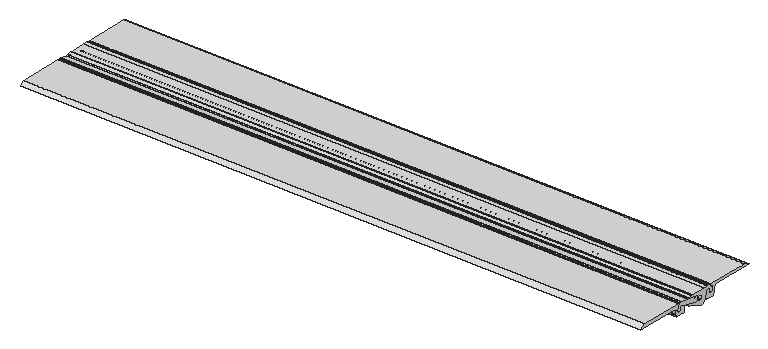
Revit family "Construction-Floors-Conecto-Aluminium Joints ALU AL.78.10", category Specialty Equipment, Revit 2015 (continued)
Definition of nested family "Standard"
  Forms (mm)
    Extrusion 30, solid, material <- "Material", visible <- "30"
      sketch origin (0, -265.421, -730.469) x (0, -1, 0) y (0, 0, -1)
        loop
          line (-297.363, -660.485) -> (-297.363, -659.059) -> (-299.327, -657.095) -> (-299.659, -658.006) -> (-300.712, -658.497) -> (-301.818, -657.859) -> (-302.303, -656.819) -> (-302.238, -655.889) -> (-301.615, -655.266) -> (-300.207, -655.266) -> (-300.305, -654.468) -> (-300.488, -653.531) -> (-300.595, -652.511) -> (-300.323, -650.323) -> (-299.732, -648.737) -> (-299.142, -648.207) -> (-295.736, -648.207) -> (-295.145, -648.739) -> (-295.145, -649.621) -> (-295.612, -650.265) -> (-296.168, -651.228) -> (-296.301, -652.062) -> (-296.369, -652.847) -> (-296.18, -653.737) -> (-295.594, -654.839) -> (-295.054, -655.46) -> (-294.32, -655.955) -> (-293.589, -656.265) -> (-292.782, -656.422) -> (-291.949, -656.451) -> (-291.169, -656.286) -> (-290.437, -656.005) -> (-289.523, -655.364) -> (-288.804, -654.214) -> (-288.404, -653.116) -> (-288.404, -645.504) -> (-288.404, -630.498) -> (-360.11, -630.498) -> (-361.647, -630.66) -> (-362.396, -631.009) -> (-362.396, -633.484) -> (-360.616, -634.512) -> (-358.762, -635.114) -> (-304.156, -635.114) -> (-300.885, -636.64) -> (-300.081, -636.64) -> (-299.456, -636.168) -> (-298.548, -635.706) -> (-297.315, -635.554) -> (-296.134, -635.699) -> (-295.004, -636.275) -> (-294.065, -637.215) -> (-293.349, -638.821) -> (-293.349, -640.438) -> (-293.805, -641.512) -> (-294.459, -642.446) -> (-295.385, -643.144) -> (-297.471, -643.587) -> (-299.99, -642.518) -> (-301.144, -642.375) -> (-304.587, -650.485) -> (-304.587, -660.485) -> (-297.363, -660.485)
      from 0 to 100
  Dimensions and locks
    "Length": plane 3 "Center (Left/Right)" to plane 4
    equal spacing: plane 6, plane 1 "Center (Front/Back)", plane 5
    "Space": plane 6 to plane 5
    aligned and locked: level to plane 2
    aligned and locked: Extrusion 27 to plane 4
    aligned and locked: Extrusion 28 to plane 4
    aligned and locked: Extrusion 29 to plane 4
    aligned and locked: Extrusion 30 to plane 4
    aligned and locked: Extrusion 26 to plane 4
    aligned and locked: Extrusion 25 to plane 4
    aligned and locked: Extrusion 24 to plane 4
    aligned and locked: Extrusion 23 to plane 4
    aligned and locked: Extrusion 22 to plane 4
    aligned and locked: Extrusion 21 to plane 4
    aligned and locked: Extrusion 17 to plane 4
    aligned and locked: Extrusion 18 to plane 4
    aligned and locked: Extrusion 19 to plane 4
    aligned and locked: Extrusion 20 to plane 4
    aligned and locked: Extrusion 16 to plane 4
    aligned and locked: Extrusion 15 to plane 4
    aligned and locked: Extrusion 14 to plane 4
    aligned and locked: Extrusion 13 to plane 4
    aligned and locked: Extrusion 12 to plane 4
    aligned and locked: Extrusion 11 to plane 4
    aligned and locked: Extrusion 10 to plane 4
    aligned and locked: Extrusion 9 to plane 4
    aligned and locked: Extrusion 8 to plane 4
    aligned and locked: Extrusion 7 to plane 4
    aligned and locked: Extrusion 6 to plane 4
    aligned and locked: Extrusion 5 to plane 4
    aligned and locked: Extrusion 4 to plane 4
    aligned and locked: Extrusion 3 to plane 4
    aligned and locked: Extrusion 2 to plane 4
    aligned and locked: Extrusion 1 to plane 4
  Automatic sketch dimensions
    Extrusion 1 sketch curve to plane 6 = 0.018 mm
    Extrusion 1 sketch curve to plane 6 = 0.079 mm
    Extrusion 1 sketch curve to plane 6 = 0.145 mm
    Extrusion 1 sketch curve to plane 6 = 0.316 mm
    Extrusion 1 sketch curve to plane 6 = 0.483 mm
    Extrusion 1 sketch curve to plane 6 = 0.781 mm
    Extrusion 1 sketch curve to Extrusion 1 sketch curve = 0.503 mm
    Extrusion 1 sketch curve to Extrusion 1 sketch curve = 0.54 mm
    Extrusion 1 sketch curve to Extrusion 1 sketch curve = 0.665 mm  (x2)
    Extrusion 1 sketch curve to Extrusion 1 sketch curve = 0.708 mm
    Extrusion 1 sketch curve to Extrusion 1 sketch curve = 0.781 mm
    Extrusion 1 sketch curve to Extrusion 1 sketch curve = 0.844 mm
    Extrusion 1 sketch curve to Extrusion 1 sketch curve = 0.841 mm
    Extrusion 1 sketch curve to plane 6 = 5.776 mm
    Extrusion 1 sketch curve to Extrusion 1 sketch curve = 0.732 mm
    Extrusion 1 sketch curve to Extrusion 1 sketch curve = 0.654 mm
    Extrusion 1 sketch curve to Extrusion 1 sketch curve = 0.943 mm
    Extrusion 1 sketch curve to Extrusion 1 sketch curve = 0.22 mm
    Extrusion 1 sketch curve to Extrusion 1 sketch curve = 0.571 mm  (x2)
    Extrusion 1 sketch curve to Extrusion 1 sketch curve = 0.486 mm
    Extrusion 1 sketch curve to Extrusion 1 sketch curve = 0.771 mm
    Extrusion 1 sketch curve to Extrusion 1 sketch curve = 0.457 mm
    Extrusion 1 sketch curve to Extrusion 1 sketch curve = 0.352 mm
    Extrusion 1 sketch curve to Extrusion 1 sketch curve = 0.338 mm
    Extrusion 1 sketch curve to Extrusion 1 sketch curve = 0.188 mm
    Extrusion 1 sketch curve to Extrusion 1 sketch curve = 2.478 mm
    Extrusion 1 sketch curve to Extrusion 1 sketch curve = 0.077 mm
    Extrusion 1 sketch curve to Extrusion 1 sketch curve = 0.814 mm  (x2)
    Extrusion 1 sketch curve to Extrusion 1 sketch curve = 3.227 mm
    Extrusion 1 sketch curve to Extrusion 1 sketch curve = 1.773 mm
    Extrusion 1 sketch curve to Extrusion 1 sketch curve = 0.527 mm
    Extrusion 1 sketch curve to Extrusion 1 sketch curve = 0.616 mm
    Extrusion 1 sketch curve to Extrusion 1 sketch curve = 0.46 mm
    Extrusion 1 sketch curve to Extrusion 1 sketch curve = 1.069 mm
    Extrusion 1 sketch curve to Extrusion 1 sketch curve = 0.239 mm
    Extrusion 1 sketch curve to Extrusion 1 sketch curve = 0.299 mm
    Extrusion 1 sketch curve to Extrusion 1 sketch curve = 0.14 mm
    Extrusion 1 sketch curve to Extrusion 1 sketch curve = 0.051 mm
    Extrusion 1 sketch curve to Extrusion 1 sketch curve = 0.96 mm
    Extrusion 1 sketch curve to Extrusion 1 sketch curve = 0.932 mm
    Extrusion 1 sketch curve to Extrusion 1 sketch curve = 0.703 mm
    Extrusion 1 sketch curve to Extrusion 1 sketch curve = 0.807 mm
    Extrusion 1 sketch curve to Extrusion 1 sketch curve = 0.86 mm
    Extrusion 1 sketch curve to Extrusion 1 sketch curve = 0.342 mm
    Extrusion 1 sketch curve to plane 6 = 14.701 mm
    Extrusion 1 sketch curve to Extrusion 1 sketch curve = 6.486 mm
    Extrusion 1 sketch curve to Extrusion 1 sketch curve = 0.821 mm
    Extrusion 1 sketch curve to Extrusion 1 sketch curve = 0.721 mm
    Extrusion 1 sketch curve to Extrusion 1 sketch curve = 0.719 mm
    Extrusion 1 sketch curve to Extrusion 1 sketch curve = 0.829 mm
    Extrusion 1 sketch curve to Extrusion 1 sketch curve = 0.796 mm  (x2)
    Extrusion 1 sketch curve to Extrusion 1 sketch curve = 0.905 mm
    Extrusion 1 sketch curve to Extrusion 1 sketch curve = 0.964 mm
    Extrusion 1 sketch curve to Extrusion 1 sketch curve = 1.013 mm
    Extrusion 1 sketch curve to Extrusion 1 sketch curve = 0.867 mm
    Extrusion 1 sketch curve to Extrusion 1 sketch curve = 1.08 mm
    Extrusion 1 sketch curve to Extrusion 1 sketch curve = 0.826 mm
    Extrusion 1 sketch curve to Extrusion 1 sketch curve = 1.041 mm
    Extrusion 1 sketch curve to Extrusion 1 sketch curve = 0.869 mm
    Extrusion 1 sketch curve to Extrusion 1 sketch curve = 0.805 mm
    Extrusion 1 sketch curve to Extrusion 1 sketch curve = 0.791 mm
    Extrusion 1 sketch curve to Extrusion 1 sketch curve = 0.661 mm
    Extrusion 1 sketch curve to Extrusion 1 sketch curve = 0.6 mm
    Extrusion 1 sketch curve to Extrusion 1 sketch curve = 0.376 mm
    Extrusion 1 sketch curve to Extrusion 1 sketch curve = 0.465 mm
    Extrusion 1 sketch curve to Extrusion 1 sketch curve = 0.458 mm
    Extrusion 1 sketch curve to Extrusion 1 sketch curve = 0.345 mm
    Extrusion 1 sketch curve to Extrusion 1 sketch curve = 0.296 mm  (x2)
    Extrusion 1 sketch curve to Extrusion 1 sketch curve = 0.89 mm
    Extrusion 1 sketch curve to Extrusion 1 sketch curve = 0.179 mm
    Extrusion 1 sketch curve to Extrusion 1 sketch curve = 1.918 mm
    Extrusion 1 sketch curve to Extrusion 1 sketch curve = 1.017 mm
    Extrusion 1 sketch curve to Extrusion 1 sketch curve = 0.726 mm
    Extrusion 1 sketch curve to Extrusion 1 sketch curve = 0.9 mm
    Extrusion 1 sketch curve to Extrusion 1 sketch curve = 0.52 mm
    Extrusion 1 sketch curve to Extrusion 1 sketch curve = 1.176 mm
    Extrusion 1 sketch curve to Extrusion 1 sketch curve = 1.103 mm
    Extrusion 1 sketch curve to Extrusion 1 sketch curve = 0.335 mm
    Extrusion 1 sketch curve to Extrusion 1 sketch curve = 38.619 mm
    Extrusion 2 sketch curve to plane 6 = 0.015 mm
    Extrusion 2 sketch curve to plane 6 = 0.076 mm
    Extrusion 2 sketch curve to plane 6 = 0.142 mm
    Extrusion 2 sketch curve to plane 6 = 0.312 mm
    Extrusion 2 sketch curve to plane 6 = 0.48 mm
    Extrusion 2 sketch curve to plane 6 = 0.777 mm
    Extrusion 2 sketch curve to Extrusion 2 sketch curve = 0.503 mm
    Extrusion 2 sketch curve to Extrusion 2 sketch curve = 0.54 mm
    Extrusion 2 sketch curve to Extrusion 2 sketch curve = 0.665 mm  (x2)
    Extrusion 2 sketch curve to Extrusion 2 sketch curve = 0.708 mm
    Extrusion 2 sketch curve to Extrusion 2 sketch curve = 0.781 mm
    Extrusion 2 sketch curve to Extrusion 2 sketch curve = 0.844 mm
    Extrusion 2 sketch curve to Extrusion 2 sketch curve = 0.841 mm
    Extrusion 2 sketch curve to plane 6 = 5.772 mm
    Extrusion 2 sketch curve to Extrusion 2 sketch curve = 0.732 mm
    Extrusion 2 sketch curve to Extrusion 2 sketch curve = 0.654 mm
    Extrusion 2 sketch curve to Extrusion 2 sketch curve = 0.943 mm
    Extrusion 2 sketch curve to Extrusion 2 sketch curve = 0.22 mm
    Extrusion 2 sketch curve to Extrusion 2 sketch curve = 0.571 mm  (x2)
    Extrusion 2 sketch curve to Extrusion 2 sketch curve = 0.486 mm
    Extrusion 2 sketch curve to Extrusion 2 sketch curve = 0.771 mm
    Extrusion 2 sketch curve to Extrusion 2 sketch curve = 0.457 mm
    Extrusion 2 sketch curve to Extrusion 2 sketch curve = 0.352 mm
    Extrusion 2 sketch curve to Extrusion 2 sketch curve = 0.338 mm
    Extrusion 2 sketch curve to Extrusion 2 sketch curve = 0.188 mm
    Extrusion 2 sketch curve to Extrusion 2 sketch curve = 2.478 mm
    Extrusion 2 sketch curve to Extrusion 2 sketch curve = 0.077 mm
    Extrusion 2 sketch curve to Extrusion 2 sketch curve = 0.814 mm  (x2)
    Extrusion 2 sketch curve to Extrusion 2 sketch curve = 3.227 mm
    Extrusion 2 sketch curve to Extrusion 2 sketch curve = 1.773 mm
    Extrusion 2 sketch curve to Extrusion 2 sketch curve = 0.527 mm
    Extrusion 2 sketch curve to Extrusion 2 sketch curve = 0.616 mm
    Extrusion 2 sketch curve to Extrusion 2 sketch curve = 0.46 mm
    Extrusion 2 sketch curve to Extrusion 2 sketch curve = 1.069 mm
    Extrusion 2 sketch curve to Extrusion 2 sketch curve = 0.239 mm
    Extrusion 2 sketch curve to Extrusion 2 sketch curve = 0.299 mm
    Extrusion 2 sketch curve to Extrusion 2 sketch curve = 0.14 mm
    Extrusion 2 sketch curve to Extrusion 2 sketch curve = 0.051 mm
    Extrusion 2 sketch curve to Extrusion 2 sketch curve = 0.96 mm
    Extrusion 2 sketch curve to Extrusion 2 sketch curve = 0.932 mm
    Extrusion 2 sketch curve to Extrusion 2 sketch curve = 0.703 mm
    Extrusion 2 sketch curve to Extrusion 2 sketch curve = 0.807 mm
    Extrusion 2 sketch curve to Extrusion 2 sketch curve = 0.86 mm
    Extrusion 2 sketch curve to Extrusion 2 sketch curve = 0.342 mm
    Extrusion 2 sketch curve to plane 6 = 14.698 mm
    Extrusion 2 sketch curve to Extrusion 2 sketch curve = 6.486 mm
    Extrusion 2 sketch curve to Extrusion 2 sketch curve = 0.821 mm
    Extrusion 2 sketch curve to Extrusion 2 sketch curve = 0.721 mm
    Extrusion 2 sketch curve to Extrusion 2 sketch curve = 0.719 mm
    Extrusion 2 sketch curve to Extrusion 2 sketch curve = 0.829 mm
    Extrusion 2 sketch curve to Extrusion 2 sketch curve = 0.796 mm  (x2)
    Extrusion 2 sketch curve to Extrusion 2 sketch curve = 0.905 mm
    Extrusion 2 sketch curve to Extrusion 2 sketch curve = 0.964 mm
    Extrusion 2 sketch curve to Extrusion 2 sketch curve = 1.013 mm
    Extrusion 2 sketch curve to Extrusion 2 sketch curve = 0.867 mm
    Extrusion 2 sketch curve to Extrusion 2 sketch curve = 1.08 mm
    Extrusion 2 sketch curve to Extrusion 2 sketch curve = 0.826 mm
    Extrusion 2 sketch curve to Extrusion 2 sketch curve = 1.041 mm
    Extrusion 2 sketch curve to Extrusion 2 sketch curve = 0.869 mm
    Extrusion 2 sketch curve to Extrusion 2 sketch curve = 0.805 mm
    Extrusion 2 sketch curve to Extrusion 2 sketch curve = 0.791 mm
    Extrusion 2 sketch curve to Extrusion 2 sketch curve = 0.661 mm
    Extrusion 2 sketch curve to Extrusion 2 sketch curve = 0.6 mm
    Extrusion 2 sketch curve to Extrusion 2 sketch curve = 0.376 mm
    Extrusion 2 sketch curve to Extrusion 2 sketch curve = 0.465 mm
    Extrusion 2 sketch curve to Extrusion 2 sketch curve = 0.458 mm
    Extrusion 2 sketch curve to Extrusion 2 sketch curve = 0.345 mm
    Extrusion 2 sketch curve to Extrusion 2 sketch curve = 0.296 mm  (x2)
    Extrusion 2 sketch curve to Extrusion 2 sketch curve = 0.89 mm
    Extrusion 2 sketch curve to Extrusion 2 sketch curve = 0.179 mm
    Extrusion 2 sketch curve to Extrusion 2 sketch curve = 1.918 mm
    Extrusion 2 sketch curve to Extrusion 2 sketch curve = 1.017 mm
    Extrusion 2 sketch curve to Extrusion 2 sketch curve = 0.726 mm
    Extrusion 2 sketch curve to Extrusion 2 sketch curve = 0.9 mm
    Extrusion 2 sketch curve to Extrusion 2 sketch curve = 0.52 mm
    Extrusion 2 sketch curve to Extrusion 2 sketch curve = 1.176 mm
    Extrusion 2 sketch curve to Extrusion 2 sketch curve = 1.103 mm
    Extrusion 2 sketch curve to Extrusion 2 sketch curve = 0.335 mm
    Extrusion 2 sketch curve to Extrusion 2 sketch curve = 38.619 mm
    Extrusion 3 sketch curve to plane 6 = 0.016 mm
    Extrusion 3 sketch curve to plane 6 = 0.077 mm
    Extrusion 3 sketch curve to plane 6 = 0.144 mm
    Extrusion 3 sketch curve to plane 6 = 0.314 mm
    Extrusion 3 sketch curve to plane 6 = 0.481 mm
    Extrusion 3 sketch curve to plane 6 = 0.779 mm
    Extrusion 3 sketch curve to Extrusion 3 sketch curve = 0.503 mm
    Extrusion 3 sketch curve to Extrusion 3 sketch curve = 0.54 mm
    Extrusion 3 sketch curve to Extrusion 3 sketch curve = 0.665 mm  (x2)
    Extrusion 3 sketch curve to Extrusion 3 sketch curve = 0.708 mm
    Extrusion 3 sketch curve to Extrusion 3 sketch curve = 0.781 mm
    Extrusion 3 sketch curve to Extrusion 3 sketch curve = 0.844 mm
    Extrusion 3 sketch curve to Extrusion 3 sketch curve = 0.841 mm
    Extrusion 3 sketch curve to plane 6 = 5.774 mm
    Extrusion 3 sketch curve to Extrusion 3 sketch curve = 0.732 mm
    Extrusion 3 sketch curve to Extrusion 3 sketch curve = 0.654 mm
    Extrusion 3 sketch curve to Extrusion 3 sketch curve = 0.943 mm
    Extrusion 3 sketch curve to Extrusion 3 sketch curve = 0.22 mm
    Extrusion 3 sketch curve to Extrusion 3 sketch curve = 0.571 mm  (x2)
    Extrusion 3 sketch curve to Extrusion 3 sketch curve = 0.486 mm
    Extrusion 3 sketch curve to Extrusion 3 sketch curve = 0.771 mm
    Extrusion 3 sketch curve to Extrusion 3 sketch curve = 0.457 mm
    Extrusion 3 sketch curve to Extrusion 3 sketch curve = 0.352 mm
    Extrusion 3 sketch curve to Extrusion 3 sketch curve = 0.338 mm
    Extrusion 3 sketch curve to Extrusion 3 sketch curve = 0.188 mm
    Extrusion 3 sketch curve to Extrusion 3 sketch curve = 2.478 mm
    Extrusion 3 sketch curve to Extrusion 3 sketch curve = 0.077 mm
    Extrusion 3 sketch curve to Extrusion 3 sketch curve = 0.814 mm  (x2)
    Extrusion 3 sketch curve to Extrusion 3 sketch curve = 3.227 mm
    Extrusion 3 sketch curve to Extrusion 3 sketch curve = 1.773 mm
    Extrusion 3 sketch curve to Extrusion 3 sketch curve = 0.527 mm
    Extrusion 3 sketch curve to Extrusion 3 sketch curve = 0.616 mm
    Extrusion 3 sketch curve to Extrusion 3 sketch curve = 0.46 mm
    Extrusion 3 sketch curve to Extrusion 3 sketch curve = 1.069 mm
    Extrusion 3 sketch curve to Extrusion 3 sketch curve = 0.239 mm
    Extrusion 3 sketch curve to Extrusion 3 sketch curve = 0.299 mm
    Extrusion 3 sketch curve to Extrusion 3 sketch curve = 0.14 mm
    Extrusion 3 sketch curve to Extrusion 3 sketch curve = 0.051 mm
    Extrusion 3 sketch curve to Extrusion 3 sketch curve = 0.96 mm
    Extrusion 3 sketch curve to Extrusion 3 sketch curve = 0.932 mm
    Extrusion 3 sketch curve to Extrusion 3 sketch curve = 0.703 mm
    Extrusion 3 sketch curve to Extrusion 3 sketch curve = 0.807 mm
    Extrusion 3 sketch curve to Extrusion 3 sketch curve = 0.86 mm
    Extrusion 3 sketch curve to Extrusion 3 sketch curve = 0.342 mm
    Extrusion 3 sketch curve to plane 6 = 14.699 mm
    Extrusion 3 sketch curve to Extrusion 3 sketch curve = 6.486 mm
    Extrusion 3 sketch curve to Extrusion 3 sketch curve = 0.821 mm
    Extrusion 3 sketch curve to Extrusion 3 sketch curve = 0.721 mm
    Extrusion 3 sketch curve to Extrusion 3 sketch curve = 0.719 mm
    Extrusion 3 sketch curve to Extrusion 3 sketch curve = 0.829 mm
    Extrusion 3 sketch curve to Extrusion 3 sketch curve = 0.796 mm  (x2)
    Extrusion 3 sketch curve to Extrusion 3 sketch curve = 0.905 mm
    Extrusion 3 sketch curve to Extrusion 3 sketch curve = 0.964 mm
    Extrusion 3 sketch curve to Extrusion 3 sketch curve = 1.013 mm
    Extrusion 3 sketch curve to Extrusion 3 sketch curve = 0.867 mm
    Extrusion 3 sketch curve to Extrusion 3 sketch curve = 1.08 mm
    Extrusion 3 sketch curve to Extrusion 3 sketch curve = 0.826 mm
    Extrusion 3 sketch curve to Extrusion 3 sketch curve = 1.041 mm
    Extrusion 3 sketch curve to Extrusion 3 sketch curve = 0.869 mm
    Extrusion 3 sketch curve to Extrusion 3 sketch curve = 0.805 mm
    Extrusion 3 sketch curve to Extrusion 3 sketch curve = 0.791 mm
    Extrusion 3 sketch curve to Extrusion 3 sketch curve = 0.661 mm
    Extrusion 3 sketch curve to Extrusion 3 sketch curve = 0.6 mm
    Extrusion 3 sketch curve to Extrusion 3 sketch curve = 0.376 mm
    Extrusion 3 sketch curve to Extrusion 3 sketch curve = 0.465 mm
    Extrusion 3 sketch curve to Extrusion 3 sketch curve = 0.458 mm
    Extrusion 3 sketch curve to Extrusion 3 sketch curve = 0.345 mm
    Extrusion 3 sketch curve to Extrusion 3 sketch curve = 0.296 mm  (x2)
    Extrusion 3 sketch curve to Extrusion 3 sketch curve = 0.89 mm
    Extrusion 3 sketch curve to Extrusion 3 sketch curve = 0.179 mm
    Extrusion 3 sketch curve to Extrusion 3 sketch curve = 1.918 mm
    Extrusion 3 sketch curve to Extrusion 3 sketch curve = 1.017 mm
    Extrusion 3 sketch curve to Extrusion 3 sketch curve = 0.726 mm
    Extrusion 3 sketch curve to Extrusion 3 sketch curve = 0.9 mm
    Extrusion 3 sketch curve to Extrusion 3 sketch curve = 0.52 mm
    Extrusion 3 sketch curve to Extrusion 3 sketch curve = 1.176 mm
    Extrusion 3 sketch curve to Extrusion 3 sketch curve = 1.103 mm
    Extrusion 3 sketch curve to Extrusion 3 sketch curve = 0.335 mm
    Extrusion 3 sketch curve to Extrusion 3 sketch curve = 38.619 mm
    Extrusion 4 sketch curve to plane 6 = 0.017 mm
    Extrusion 4 sketch curve to plane 6 = 0.078 mm
    Extrusion 4 sketch curve to plane 6 = 0.144 mm
    Extrusion 4 sketch curve to plane 6 = 0.315 mm
    Extrusion 4 sketch curve to plane 6 = 0.482 mm
    Extrusion 4 sketch curve to plane 6 = 0.78 mm
    Extrusion 4 sketch curve to Extrusion 4 sketch curve = 0.503 mm
    Extrusion 4 sketch curve to Extrusion 4 sketch curve = 0.54 mm
    Extrusion 4 sketch curve to Extrusion 4 sketch curve = 0.665 mm  (x2)
    Extrusion 4 sketch curve to Extrusion 4 sketch curve = 0.708 mm
    Extrusion 4 sketch curve to Extrusion 4 sketch curve = 0.781 mm
    Extrusion 4 sketch curve to Extrusion 4 sketch curve = 0.844 mm
    Extrusion 4 sketch curve to Extrusion 4 sketch curve = 0.841 mm
    Extrusion 4 sketch curve to plane 6 = 5.775 mm
    Extrusion 4 sketch curve to Extrusion 4 sketch curve = 0.732 mm
    Extrusion 4 sketch curve to Extrusion 4 sketch curve = 0.654 mm
    Extrusion 4 sketch curve to Extrusion 4 sketch curve = 0.943 mm
    Extrusion 4 sketch curve to Extrusion 4 sketch curve = 0.22 mm
    Extrusion 4 sketch curve to Extrusion 4 sketch curve = 0.571 mm  (x2)
    Extrusion 4 sketch curve to Extrusion 4 sketch curve = 0.486 mm
    Extrusion 4 sketch curve to Extrusion 4 sketch curve = 0.771 mm
    Extrusion 4 sketch curve to Extrusion 4 sketch curve = 0.457 mm
    Extrusion 4 sketch curve to Extrusion 4 sketch curve = 0.352 mm
    Extrusion 4 sketch curve to Extrusion 4 sketch curve = 0.338 mm
    Extrusion 4 sketch curve to Extrusion 4 sketch curve = 0.188 mm
    Extrusion 4 sketch curve to Extrusion 4 sketch curve = 2.478 mm
    Extrusion 4 sketch curve to Extrusion 4 sketch curve = 0.077 mm
    Extrusion 4 sketch curve to Extrusion 4 sketch curve = 0.814 mm  (x2)
    Extrusion 4 sketch curve to Extrusion 4 sketch curve = 3.227 mm
    Extrusion 4 sketch curve to Extrusion 4 sketch curve = 1.773 mm
    Extrusion 4 sketch curve to Extrusion 4 sketch curve = 0.527 mm
    Extrusion 4 sketch curve to Extrusion 4 sketch curve = 0.616 mm
    Extrusion 4 sketch curve to Extrusion 4 sketch curve = 0.46 mm
    Extrusion 4 sketch curve to Extrusion 4 sketch curve = 1.069 mm
    Extrusion 4 sketch curve to Extrusion 4 sketch curve = 0.239 mm
    Extrusion 4 sketch curve to Extrusion 4 sketch curve = 0.299 mm
    Extrusion 4 sketch curve to Extrusion 4 sketch curve = 0.14 mm
    Extrusion 4 sketch curve to Extrusion 4 sketch curve = 0.051 mm
    Extrusion 4 sketch curve to Extrusion 4 sketch curve = 0.96 mm
    Extrusion 4 sketch curve to Extrusion 4 sketch curve = 0.932 mm
    Extrusion 4 sketch curve to Extrusion 4 sketch curve = 0.703 mm
    Extrusion 4 sketch curve to Extrusion 4 sketch curve = 0.807 mm
    Extrusion 4 sketch curve to Extrusion 4 sketch curve = 0.86 mm
    Extrusion 4 sketch curve to Extrusion 4 sketch curve = 0.342 mm
    Extrusion 4 sketch curve to plane 6 = 14.7 mm
    Extrusion 4 sketch curve to Extrusion 4 sketch curve = 6.486 mm
    Extrusion 4 sketch curve to Extrusion 4 sketch curve = 0.821 mm
    Extrusion 4 sketch curve to Extrusion 4 sketch curve = 0.721 mm
    Extrusion 4 sketch curve to Extrusion 4 sketch curve = 0.719 mm
    Extrusion 4 sketch curve to Extrusion 4 sketch curve = 0.829 mm
    Extrusion 4 sketch curve to Extrusion 4 sketch curve = 0.796 mm  (x2)
    Extrusion 4 sketch curve to Extrusion 4 sketch curve = 0.905 mm
    Extrusion 4 sketch curve to Extrusion 4 sketch curve = 0.964 mm
    Extrusion 4 sketch curve to Extrusion 4 sketch curve = 1.013 mm
    Extrusion 4 sketch curve to Extrusion 4 sketch curve = 0.867 mm
    Extrusion 4 sketch curve to Extrusion 4 sketch curve = 1.08 mm
    Extrusion 4 sketch curve to Extrusion 4 sketch curve = 0.826 mm
    Extrusion 4 sketch curve to Extrusion 4 sketch curve = 1.041 mm
    Extrusion 4 sketch curve to Extrusion 4 sketch curve = 0.869 mm
    Extrusion 4 sketch curve to Extrusion 4 sketch curve = 0.805 mm
    Extrusion 4 sketch curve to Extrusion 4 sketch curve = 0.791 mm
    Extrusion 4 sketch curve to Extrusion 4 sketch curve = 0.661 mm
    Extrusion 4 sketch curve to Extrusion 4 sketch curve = 0.6 mm
    Extrusion 4 sketch curve to Extrusion 4 sketch curve = 0.376 mm
    Extrusion 4 sketch curve to Extrusion 4 sketch curve = 0.465 mm
    Extrusion 4 sketch curve to Extrusion 4 sketch curve = 0.458 mm
    Extrusion 4 sketch curve to Extrusion 4 sketch curve = 0.345 mm
    Extrusion 4 sketch curve to Extrusion 4 sketch curve = 0.296 mm  (x2)
    Extrusion 4 sketch curve to Extrusion 4 sketch curve = 0.89 mm
    Extrusion 4 sketch curve to Extrusion 4 sketch curve = 0.179 mm
    Extrusion 4 sketch curve to Extrusion 4 sketch curve = 1.918 mm
    Extrusion 4 sketch curve to Extrusion 4 sketch curve = 1.017 mm
    Extrusion 4 sketch curve to Extrusion 4 sketch curve = 0.726 mm
    Extrusion 4 sketch curve to Extrusion 4 sketch curve = 0.9 mm
    Extrusion 4 sketch curve to Extrusion 4 sketch curve = 0.52 mm
    Extrusion 4 sketch curve to Extrusion 4 sketch curve = 1.176 mm
    Extrusion 4 sketch curve to Extrusion 4 sketch curve = 1.103 mm
    Extrusion 4 sketch curve to Extrusion 4 sketch curve = 0.335 mm
    Extrusion 4 sketch curve to Extrusion 4 sketch curve = 38.619 mm
    Extrusion 5 sketch curve to plane 6 = 0.018 mm
    Extrusion 5 sketch curve to plane 6 = 0.079 mm
    Extrusion 5 sketch curve to plane 6 = 0.145 mm
    Extrusion 5 sketch curve to plane 6 = 0.316 mm
    Extrusion 5 sketch curve to plane 6 = 0.483 mm
    Extrusion 5 sketch curve to plane 6 = 0.781 mm
    Extrusion 5 sketch curve to Extrusion 5 sketch curve = 0.503 mm
    Extrusion 5 sketch curve to Extrusion 5 sketch curve = 0.54 mm
    Extrusion 5 sketch curve to Extrusion 5 sketch curve = 0.665 mm  (x2)
    Extrusion 5 sketch curve to Extrusion 5 sketch curve = 0.708 mm
    Extrusion 5 sketch curve to Extrusion 5 sketch curve = 0.781 mm
    Extrusion 5 sketch curve to Extrusion 5 sketch curve = 0.844 mm
    Extrusion 5 sketch curve to Extrusion 5 sketch curve = 0.841 mm
    Extrusion 5 sketch curve to plane 6 = 5.776 mm
    Extrusion 5 sketch curve to Extrusion 5 sketch curve = 0.732 mm
    Extrusion 5 sketch curve to Extrusion 5 sketch curve = 0.654 mm
    Extrusion 5 sketch curve to Extrusion 5 sketch curve = 0.943 mm
    Extrusion 5 sketch curve to Extrusion 5 sketch curve = 0.22 mm
    Extrusion 5 sketch curve to Extrusion 5 sketch curve = 0.571 mm  (x2)
    Extrusion 5 sketch curve to Extrusion 5 sketch curve = 0.486 mm
    Extrusion 5 sketch curve to Extrusion 5 sketch curve = 0.771 mm
    Extrusion 5 sketch curve to Extrusion 5 sketch curve = 0.457 mm
    Extrusion 5 sketch curve to Extrusion 5 sketch curve = 0.352 mm
    Extrusion 5 sketch curve to Extrusion 5 sketch curve = 0.338 mm
    Extrusion 5 sketch curve to Extrusion 5 sketch curve = 0.188 mm
    Extrusion 5 sketch curve to Extrusion 5 sketch curve = 2.478 mm
    Extrusion 5 sketch curve to Extrusion 5 sketch curve = 0.077 mm
    Extrusion 5 sketch curve to Extrusion 5 sketch curve = 0.814 mm  (x2)
    Extrusion 5 sketch curve to Extrusion 5 sketch curve = 3.227 mm
    Extrusion 5 sketch curve to Extrusion 5 sketch curve = 1.773 mm
    Extrusion 5 sketch curve to Extrusion 5 sketch curve = 0.527 mm
    Extrusion 5 sketch curve to Extrusion 5 sketch curve = 0.616 mm
    Extrusion 5 sketch curve to Extrusion 5 sketch curve = 0.46 mm
    Extrusion 5 sketch curve to Extrusion 5 sketch curve = 1.069 mm
    Extrusion 5 sketch curve to Extrusion 5 sketch curve = 0.239 mm
    Extrusion 5 sketch curve to Extrusion 5 sketch curve = 0.299 mm
    Extrusion 5 sketch curve to Extrusion 5 sketch curve = 0.14 mm
    Extrusion 5 sketch curve to Extrusion 5 sketch curve = 0.051 mm
    Extrusion 5 sketch curve to Extrusion 5 sketch curve = 0.96 mm
    Extrusion 5 sketch curve to Extrusion 5 sketch curve = 0.932 mm
    Extrusion 5 sketch curve to Extrusion 5 sketch curve = 0.703 mm
    Extrusion 5 sketch curve to Extrusion 5 sketch curve = 0.807 mm
    Extrusion 5 sketch curve to Extrusion 5 sketch curve = 0.86 mm
    Extrusion 5 sketch curve to Extrusion 5 sketch curve = 0.342 mm
    Extrusion 5 sketch curve to plane 6 = 14.701 mm
    Extrusion 5 sketch curve to Extrusion 5 sketch curve = 6.486 mm
    Extrusion 5 sketch curve to Extrusion 5 sketch curve = 0.821 mm
    Extrusion 5 sketch curve to Extrusion 5 sketch curve = 0.721 mm
    Extrusion 5 sketch curve to Extrusion 5 sketch curve = 0.719 mm
    Extrusion 5 sketch curve to Extrusion 5 sketch curve = 0.829 mm
    Extrusion 5 sketch curve to Extrusion 5 sketch curve = 0.796 mm  (x2)
    Extrusion 5 sketch curve to Extrusion 5 sketch curve = 0.905 mm
    Extrusion 5 sketch curve to Extrusion 5 sketch curve = 0.964 mm
    Extrusion 5 sketch curve to Extrusion 5 sketch curve = 1.013 mm
    Extrusion 5 sketch curve to Extrusion 5 sketch curve = 0.867 mm
    Extrusion 5 sketch curve to Extrusion 5 sketch curve = 1.08 mm
    Extrusion 5 sketch curve to Extrusion 5 sketch curve = 0.826 mm
    Extrusion 5 sketch curve to Extrusion 5 sketch curve = 1.041 mm
    Extrusion 5 sketch curve to Extrusion 5 sketch curve = 0.869 mm
    Extrusion 5 sketch curve to Extrusion 5 sketch curve = 0.805 mm
    Extrusion 5 sketch curve to Extrusion 5 sketch curve = 0.791 mm
    Extrusion 5 sketch curve to Extrusion 5 sketch curve = 0.661 mm
    Extrusion 5 sketch curve to Extrusion 5 sketch curve = 0.6 mm
    Extrusion 5 sketch curve to Extrusion 5 sketch curve = 0.376 mm
    Extrusion 5 sketch curve to Extrusion 5 sketch curve = 0.465 mm
    Extrusion 5 sketch curve to Extrusion 5 sketch curve = 0.458 mm
    Extrusion 5 sketch curve to Extrusion 5 sketch curve = 0.345 mm
    Extrusion 5 sketch curve to Extrusion 5 sketch curve = 0.296 mm  (x2)
    Extrusion 5 sketch curve to Extrusion 5 sketch curve = 0.89 mm
    Extrusion 5 sketch curve to Extrusion 5 sketch curve = 0.179 mm
    Extrusion 5 sketch curve to Extrusion 5 sketch curve = 1.918 mm
    Extrusion 5 sketch curve to Extrusion 5 sketch curve = 1.017 mm
    Extrusion 5 sketch curve to Extrusion 5 sketch curve = 0.726 mm
    Extrusion 5 sketch curve to Extrusion 5 sketch curve = 0.9 mm
    Extrusion 5 sketch curve to Extrusion 5 sketch curve = 0.52 mm
    Extrusion 5 sketch curve to Extrusion 5 sketch curve = 1.176 mm
    Extrusion 5 sketch curve to Extrusion 5 sketch curve = 1.103 mm
    Extrusion 5 sketch curve to Extrusion 5 sketch curve = 0.335 mm
    Extrusion 5 sketch curve to Extrusion 5 sketch curve = 38.619 mm
    Extrusion 6 sketch curve to plane 6 = 0.015 mm
    Extrusion 6 sketch curve to plane 6 = 0.076 mm
    Extrusion 6 sketch curve to plane 6 = 0.142 mm
    Extrusion 6 sketch curve to plane 6 = 0.312 mm
    Extrusion 6 sketch curve to plane 6 = 0.48 mm
    Extrusion 6 sketch curve to plane 6 = 0.777 mm
    Extrusion 6 sketch curve to Extrusion 6 sketch curve = 0.503 mm
    Extrusion 6 sketch curve to Extrusion 6 sketch curve = 0.54 mm
    Extrusion 6 sketch curve to Extrusion 6 sketch curve = 0.665 mm  (x2)
    Extrusion 6 sketch curve to Extrusion 6 sketch curve = 0.708 mm
    Extrusion 6 sketch curve to Extrusion 6 sketch curve = 0.781 mm
    Extrusion 6 sketch curve to Extrusion 6 sketch curve = 0.844 mm
    Extrusion 6 sketch curve to Extrusion 6 sketch curve = 0.841 mm
    Extrusion 6 sketch curve to plane 6 = 5.772 mm
    Extrusion 6 sketch curve to Extrusion 6 sketch curve = 0.732 mm
    Extrusion 6 sketch curve to Extrusion 6 sketch curve = 0.654 mm
    Extrusion 6 sketch curve to Extrusion 6 sketch curve = 0.943 mm
    Extrusion 6 sketch curve to Extrusion 6 sketch curve = 0.22 mm
    Extrusion 6 sketch curve to Extrusion 6 sketch curve = 0.571 mm  (x2)
    Extrusion 6 sketch curve to Extrusion 6 sketch curve = 0.486 mm
    Extrusion 6 sketch curve to Extrusion 6 sketch curve = 0.771 mm
    Extrusion 6 sketch curve to Extrusion 6 sketch curve = 0.457 mm
    Extrusion 6 sketch curve to Extrusion 6 sketch curve = 0.352 mm
    Extrusion 6 sketch curve to Extrusion 6 sketch curve = 0.338 mm
    Extrusion 6 sketch curve to Extrusion 6 sketch curve = 0.188 mm
    Extrusion 6 sketch curve to Extrusion 6 sketch curve = 2.478 mm
    Extrusion 6 sketch curve to Extrusion 6 sketch curve = 0.077 mm
    Extrusion 6 sketch curve to Extrusion 6 sketch curve = 0.814 mm  (x2)
    Extrusion 6 sketch curve to Extrusion 6 sketch curve = 3.227 mm
    Extrusion 6 sketch curve to Extrusion 6 sketch curve = 1.773 mm
    Extrusion 6 sketch curve to Extrusion 6 sketch curve = 0.527 mm
    Extrusion 6 sketch curve to Extrusion 6 sketch curve = 0.616 mm
    Extrusion 6 sketch curve to Extrusion 6 sketch curve = 0.46 mm
    Extrusion 6 sketch curve to Extrusion 6 sketch curve = 1.069 mm
    Extrusion 6 sketch curve to Extrusion 6 sketch curve = 0.239 mm
    Extrusion 6 sketch curve to Extrusion 6 sketch curve = 0.299 mm
    Extrusion 6 sketch curve to Extrusion 6 sketch curve = 0.14 mm
    Extrusion 6 sketch curve to Extrusion 6 sketch curve = 0.051 mm
    Extrusion 6 sketch curve to Extrusion 6 sketch curve = 0.96 mm
    Extrusion 6 sketch curve to Extrusion 6 sketch curve = 0.932 mm
    Extrusion 6 sketch curve to Extrusion 6 sketch curve = 0.703 mm
    Extrusion 6 sketch curve to Extrusion 6 sketch curve = 0.807 mm
    Extrusion 6 sketch curve to Extrusion 6 sketch curve = 0.86 mm
    Extrusion 6 sketch curve to Extrusion 6 sketch curve = 0.342 mm
    Extrusion 6 sketch curve to plane 6 = 14.698 mm
    Extrusion 6 sketch curve to Extrusion 6 sketch curve = 6.486 mm
    Extrusion 6 sketch curve to Extrusion 6 sketch curve = 0.821 mm
    Extrusion 6 sketch curve to Extrusion 6 sketch curve = 0.721 mm
    Extrusion 6 sketch curve to Extrusion 6 sketch curve = 0.719 mm
    Extrusion 6 sketch curve to Extrusion 6 sketch curve = 0.829 mm
    Extrusion 6 sketch curve to Extrusion 6 sketch curve = 0.796 mm  (x2)
    Extrusion 6 sketch curve to Extrusion 6 sketch curve = 0.905 mm
    Extrusion 6 sketch curve to Extrusion 6 sketch curve = 0.964 mm
    Extrusion 6 sketch curve to Extrusion 6 sketch curve = 1.013 mm
    Extrusion 6 sketch curve to Extrusion 6 sketch curve = 0.867 mm
    Extrusion 6 sketch curve to Extrusion 6 sketch curve = 1.08 mm
    Extrusion 6 sketch curve to Extrusion 6 sketch curve = 0.826 mm
    Extrusion 6 sketch curve to Extrusion 6 sketch curve = 1.041 mm
    Extrusion 6 sketch curve to Extrusion 6 sketch curve = 0.869 mm
    Extrusion 6 sketch curve to Extrusion 6 sketch curve = 0.805 mm
    Extrusion 6 sketch curve to Extrusion 6 sketch curve = 0.791 mm
    Extrusion 6 sketch curve to Extrusion 6 sketch curve = 0.661 mm
    Extrusion 6 sketch curve to Extrusion 6 sketch curve = 0.6 mm
    Extrusion 6 sketch curve to Extrusion 6 sketch curve = 0.376 mm
    Extrusion 6 sketch curve to Extrusion 6 sketch curve = 0.465 mm
    Extrusion 6 sketch curve to Extrusion 6 sketch curve = 0.458 mm
    Extrusion 6 sketch curve to Extrusion 6 sketch curve = 0.345 mm
    Extrusion 6 sketch curve to Extrusion 6 sketch curve = 0.296 mm  (x2)
    Extrusion 6 sketch curve to Extrusion 6 sketch curve = 0.89 mm
    Extrusion 6 sketch curve to Extrusion 6 sketch curve = 0.179 mm
    Extrusion 6 sketch curve to Extrusion 6 sketch curve = 1.918 mm
    Extrusion 6 sketch curve to Extrusion 6 sketch curve = 1.017 mm
    Extrusion 6 sketch curve to Extrusion 6 sketch curve = 0.726 mm
    Extrusion 6 sketch curve to Extrusion 6 sketch curve = 0.9 mm
    Extrusion 6 sketch curve to Extrusion 6 sketch curve = 0.52 mm
    Extrusion 6 sketch curve to Extrusion 6 sketch curve = 1.176 mm
    Extrusion 6 sketch curve to Extrusion 6 sketch curve = 1.103 mm
    Extrusion 6 sketch curve to Extrusion 6 sketch curve = 0.335 mm
    Extrusion 6 sketch curve to Extrusion 6 sketch curve = 38.619 mm
    Extrusion 7 sketch curve to plane 6 = 0.016 mm
    Extrusion 7 sketch curve to plane 6 = 0.077 mm
    Extrusion 7 sketch curve to plane 6 = 0.144 mm
    Extrusion 7 sketch curve to plane 6 = 0.314 mm
    Extrusion 7 sketch curve to plane 6 = 0.481 mm
    Extrusion 7 sketch curve to plane 6 = 0.779 mm
    Extrusion 7 sketch curve to Extrusion 7 sketch curve = 0.503 mm
    Extrusion 7 sketch curve to Extrusion 7 sketch curve = 0.54 mm
    Extrusion 7 sketch curve to Extrusion 7 sketch curve = 0.665 mm  (x2)
    Extrusion 7 sketch curve to Extrusion 7 sketch curve = 0.708 mm
    Extrusion 7 sketch curve to Extrusion 7 sketch curve = 0.781 mm
    Extrusion 7 sketch curve to Extrusion 7 sketch curve = 0.844 mm
    Extrusion 7 sketch curve to Extrusion 7 sketch curve = 0.841 mm
    Extrusion 7 sketch curve to plane 6 = 5.774 mm
    Extrusion 7 sketch curve to Extrusion 7 sketch curve = 0.732 mm
    Extrusion 7 sketch curve to Extrusion 7 sketch curve = 0.654 mm
    Extrusion 7 sketch curve to Extrusion 7 sketch curve = 0.943 mm
    Extrusion 7 sketch curve to Extrusion 7 sketch curve = 0.22 mm
    Extrusion 7 sketch curve to Extrusion 7 sketch curve = 0.571 mm  (x2)
    Extrusion 7 sketch curve to Extrusion 7 sketch curve = 0.486 mm
    Extrusion 7 sketch curve to Extrusion 7 sketch curve = 0.771 mm
    Extrusion 7 sketch curve to Extrusion 7 sketch curve = 0.457 mm
    Extrusion 7 sketch curve to Extrusion 7 sketch curve = 0.352 mm
    Extrusion 7 sketch curve to Extrusion 7 sketch curve = 0.338 mm
    Extrusion 7 sketch curve to Extrusion 7 sketch curve = 0.188 mm
    Extrusion 7 sketch curve to Extrusion 7 sketch curve = 2.478 mm
    Extrusion 7 sketch curve to Extrusion 7 sketch curve = 0.077 mm
    Extrusion 7 sketch curve to Extrusion 7 sketch curve = 0.814 mm  (x2)
    Extrusion 7 sketch curve to Extrusion 7 sketch curve = 3.227 mm
    Extrusion 7 sketch curve to Extrusion 7 sketch curve = 1.773 mm
    Extrusion 7 sketch curve to Extrusion 7 sketch curve = 0.527 mm
    Extrusion 7 sketch curve to Extrusion 7 sketch curve = 0.616 mm
    Extrusion 7 sketch curve to Extrusion 7 sketch curve = 0.46 mm
    Extrusion 7 sketch curve to Extrusion 7 sketch curve = 1.069 mm
    Extrusion 7 sketch curve to Extrusion 7 sketch curve = 0.239 mm
    Extrusion 7 sketch curve to Extrusion 7 sketch curve = 0.299 mm
    Extrusion 7 sketch curve to Extrusion 7 sketch curve = 0.14 mm
    Extrusion 7 sketch curve to Extrusion 7 sketch curve = 0.051 mm
    Extrusion 7 sketch curve to Extrusion 7 sketch curve = 0.96 mm
    Extrusion 7 sketch curve to Extrusion 7 sketch curve = 0.932 mm
    Extrusion 7 sketch curve to Extrusion 7 sketch curve = 0.703 mm
    Extrusion 7 sketch curve to Extrusion 7 sketch curve = 0.807 mm
    Extrusion 7 sketch curve to Extrusion 7 sketch curve = 0.86 mm
    Extrusion 7 sketch curve to Extrusion 7 sketch curve = 0.342 mm
    Extrusion 7 sketch curve to plane 6 = 14.699 mm
    Extrusion 7 sketch curve to Extrusion 7 sketch curve = 6.486 mm
    Extrusion 7 sketch curve to Extrusion 7 sketch curve = 0.821 mm
    Extrusion 7 sketch curve to Extrusion 7 sketch curve = 0.721 mm
    Extrusion 7 sketch curve to Extrusion 7 sketch curve = 0.719 mm
    Extrusion 7 sketch curve to Extrusion 7 sketch curve = 0.829 mm
    Extrusion 7 sketch curve to Extrusion 7 sketch curve = 0.796 mm  (x2)
    Extrusion 7 sketch curve to Extrusion 7 sketch curve = 0.905 mm
    Extrusion 7 sketch curve to Extrusion 7 sketch curve = 0.964 mm
    Extrusion 7 sketch curve to Extrusion 7 sketch curve = 1.013 mm
    Extrusion 7 sketch curve to Extrusion 7 sketch curve = 0.867 mm
    Extrusion 7 sketch curve to Extrusion 7 sketch curve = 1.08 mm
    Extrusion 7 sketch curve to Extrusion 7 sketch curve = 0.826 mm
    Extrusion 7 sketch curve to Extrusion 7 sketch curve = 1.041 mm
    Extrusion 7 sketch curve to Extrusion 7 sketch curve = 0.869 mm
    Extrusion 7 sketch curve to Extrusion 7 sketch curve = 0.805 mm
    Extrusion 7 sketch curve to Extrusion 7 sketch curve = 0.791 mm
    Extrusion 7 sketch curve to Extrusion 7 sketch curve = 0.661 mm
    Extrusion 7 sketch curve to Extrusion 7 sketch curve = 0.6 mm
    Extrusion 7 sketch curve to Extrusion 7 sketch curve = 0.376 mm
    Extrusion 7 sketch curve to Extrusion 7 sketch curve = 0.465 mm
    Extrusion 7 sketch curve to Extrusion 7 sketch curve = 0.458 mm
    Extrusion 7 sketch curve to Extrusion 7 sketch curve = 0.345 mm
    Extrusion 7 sketch curve to Extrusion 7 sketch curve = 0.296 mm  (x2)
    Extrusion 7 sketch curve to Extrusion 7 sketch curve = 0.89 mm
    Extrusion 7 sketch curve to Extrusion 7 sketch curve = 0.179 mm
    Extrusion 7 sketch curve to Extrusion 7 sketch curve = 1.918 mm
    Extrusion 7 sketch curve to Extrusion 7 sketch curve = 1.017 mm
    Extrusion 7 sketch curve to Extrusion 7 sketch curve = 0.726 mm
    Extrusion 7 sketch curve to Extrusion 7 sketch curve = 0.9 mm
    Extrusion 7 sketch curve to Extrusion 7 sketch curve = 0.52 mm
    Extrusion 7 sketch curve to Extrusion 7 sketch curve = 1.176 mm
    Extrusion 7 sketch curve to Extrusion 7 sketch curve = 1.103 mm
    Extrusion 7 sketch curve to Extrusion 7 sketch curve = 0.335 mm
    Extrusion 7 sketch curve to Extrusion 7 sketch curve = 38.619 mm
    Extrusion 8 sketch curve to plane 6 = 0.017 mm
    Extrusion 8 sketch curve to plane 6 = 0.078 mm
    Extrusion 8 sketch curve to plane 6 = 0.144 mm
    Extrusion 8 sketch curve to plane 6 = 0.315 mm
    Extrusion 8 sketch curve to plane 6 = 0.482 mm
    Extrusion 8 sketch curve to plane 6 = 0.78 mm
    Extrusion 8 sketch curve to Extrusion 8 sketch curve = 0.503 mm
    Extrusion 8 sketch curve to Extrusion 8 sketch curve = 0.54 mm
    Extrusion 8 sketch curve to Extrusion 8 sketch curve = 0.665 mm  (x2)
    Extrusion 8 sketch curve to Extrusion 8 sketch curve = 0.708 mm
    Extrusion 8 sketch curve to Extrusion 8 sketch curve = 0.781 mm
    Extrusion 8 sketch curve to Extrusion 8 sketch curve = 0.844 mm
    Extrusion 8 sketch curve to Extrusion 8 sketch curve = 0.841 mm
    Extrusion 8 sketch curve to plane 6 = 5.775 mm
    Extrusion 8 sketch curve to Extrusion 8 sketch curve = 0.732 mm
    Extrusion 8 sketch curve to Extrusion 8 sketch curve = 0.654 mm
    Extrusion 8 sketch curve to Extrusion 8 sketch curve = 0.943 mm
    Extrusion 8 sketch curve to Extrusion 8 sketch curve = 0.22 mm
    Extrusion 8 sketch curve to Extrusion 8 sketch curve = 0.571 mm  (x2)
    Extrusion 8 sketch curve to Extrusion 8 sketch curve = 0.486 mm
    Extrusion 8 sketch curve to Extrusion 8 sketch curve = 0.771 mm
    Extrusion 8 sketch curve to Extrusion 8 sketch curve = 0.457 mm
    Extrusion 8 sketch curve to Extrusion 8 sketch curve = 0.352 mm
    Extrusion 8 sketch curve to Extrusion 8 sketch curve = 0.338 mm
    Extrusion 8 sketch curve to Extrusion 8 sketch curve = 0.188 mm
    Extrusion 8 sketch curve to Extrusion 8 sketch curve = 2.478 mm
    Extrusion 8 sketch curve to Extrusion 8 sketch curve = 0.077 mm
    Extrusion 8 sketch curve to Extrusion 8 sketch curve = 0.814 mm  (x2)
    Extrusion 8 sketch curve to Extrusion 8 sketch curve = 3.227 mm
    Extrusion 8 sketch curve to Extrusion 8 sketch curve = 1.773 mm
    Extrusion 8 sketch curve to Extrusion 8 sketch curve = 0.527 mm
    Extrusion 8 sketch curve to Extrusion 8 sketch curve = 0.616 mm
    Extrusion 8 sketch curve to Extrusion 8 sketch curve = 0.46 mm
    Extrusion 8 sketch curve to Extrusion 8 sketch curve = 1.069 mm
    Extrusion 8 sketch curve to Extrusion 8 sketch curve = 0.239 mm
    Extrusion 8 sketch curve to Extrusion 8 sketch curve = 0.299 mm
    Extrusion 8 sketch curve to Extrusion 8 sketch curve = 0.14 mm
    Extrusion 8 sketch curve to Extrusion 8 sketch curve = 0.051 mm
    Extrusion 8 sketch curve to Extrusion 8 sketch curve = 0.96 mm
    Extrusion 8 sketch curve to Extrusion 8 sketch curve = 0.932 mm
    Extrusion 8 sketch curve to Extrusion 8 sketch curve = 0.703 mm
    Extrusion 8 sketch curve to Extrusion 8 sketch curve = 0.807 mm
    Extrusion 8 sketch curve to Extrusion 8 sketch curve = 0.86 mm
    Extrusion 8 sketch curve to Extrusion 8 sketch curve = 0.342 mm
    Extrusion 8 sketch curve to plane 6 = 14.7 mm
    Extrusion 8 sketch curve to Extrusion 8 sketch curve = 6.486 mm
    Extrusion 8 sketch curve to Extrusion 8 sketch curve = 0.821 mm
    Extrusion 8 sketch curve to Extrusion 8 sketch curve = 0.721 mm
    Extrusion 8 sketch curve to Extrusion 8 sketch curve = 0.719 mm
    Extrusion 8 sketch curve to Extrusion 8 sketch curve = 0.829 mm
    Extrusion 8 sketch curve to Extrusion 8 sketch curve = 0.796 mm  (x2)
    Extrusion 8 sketch curve to Extrusion 8 sketch curve = 0.905 mm
    Extrusion 8 sketch curve to Extrusion 8 sketch curve = 0.964 mm
    Extrusion 8 sketch curve to Extrusion 8 sketch curve = 1.013 mm
    Extrusion 8 sketch curve to Extrusion 8 sketch curve = 0.867 mm
    Extrusion 8 sketch curve to Extrusion 8 sketch curve = 1.08 mm
    Extrusion 8 sketch curve to Extrusion 8 sketch curve = 0.826 mm
    Extrusion 8 sketch curve to Extrusion 8 sketch curve = 1.041 mm
    Extrusion 8 sketch curve to Extrusion 8 sketch curve = 0.869 mm
    Extrusion 8 sketch curve to Extrusion 8 sketch curve = 0.805 mm
    Extrusion 8 sketch curve to Extrusion 8 sketch curve = 0.791 mm
    Extrusion 8 sketch curve to Extrusion 8 sketch curve = 0.661 mm
    Extrusion 8 sketch curve to Extrusion 8 sketch curve = 0.6 mm
    Extrusion 8 sketch curve to Extrusion 8 sketch curve = 0.376 mm
    Extrusion 8 sketch curve to Extrusion 8 sketch curve = 0.465 mm
    Extrusion 8 sketch curve to Extrusion 8 sketch curve = 0.458 mm
    Extrusion 8 sketch curve to Extrusion 8 sketch curve = 0.345 mm
    Extrusion 8 sketch curve to Extrusion 8 sketch curve = 0.296 mm  (x2)
    Extrusion 8 sketch curve to Extrusion 8 sketch curve = 0.89 mm
    Extrusion 8 sketch curve to Extrusion 8 sketch curve = 0.179 mm
    Extrusion 8 sketch curve to Extrusion 8 sketch curve = 1.918 mm
    Extrusion 8 sketch curve to Extrusion 8 sketch curve = 1.017 mm
    Extrusion 8 sketch curve to Extrusion 8 sketch curve = 0.726 mm
    Extrusion 8 sketch curve to Extrusion 8 sketch curve = 0.9 mm
    Extrusion 8 sketch curve to Extrusion 8 sketch curve = 0.52 mm
    Extrusion 8 sketch curve to Extrusion 8 sketch curve = 1.176 mm
    Extrusion 8 sketch curve to Extrusion 8 sketch curve = 1.103 mm
    Extrusion 8 sketch curve to Extrusion 8 sketch curve = 0.335 mm
    Extrusion 8 sketch curve to Extrusion 8 sketch curve = 38.619 mm
    Extrusion 9 sketch curve to plane 6 = 0.003 mm
    Extrusion 9 sketch curve to plane 6 = 0.064 mm
    Extrusion 9 sketch curve to plane 6 = 0.13 mm
    Extrusion 9 sketch curve to plane 6 = 0.301 mm
    Extrusion 9 sketch curve to plane 6 = 0.468 mm
    Extrusion 9 sketch curve to plane 6 = 0.766 mm
    Extrusion 9 sketch curve to Extrusion 9 sketch curve = 0.503 mm
    Extrusion 9 sketch curve to Extrusion 9 sketch curve = 0.54 mm
    Extrusion 9 sketch curve to Extrusion 9 sketch curve = 0.665 mm  (x2)
    Extrusion 9 sketch curve to Extrusion 9 sketch curve = 0.708 mm
    Extrusion 9 sketch curve to Extrusion 9 sketch curve = 0.781 mm
    Extrusion 9 sketch curve to Extrusion 9 sketch curve = 0.844 mm
    Extrusion 9 sketch curve to Extrusion 9 sketch curve = 0.841 mm
    Extrusion 9 sketch curve to plane 6 = 5.76 mm
    Extrusion 9 sketch curve to Extrusion 9 sketch curve = 0.732 mm
    Extrusion 9 sketch curve to Extrusion 9 sketch curve = 0.654 mm
    Extrusion 9 sketch curve to Extrusion 9 sketch curve = 0.943 mm
    Extrusion 9 sketch curve to Extrusion 9 sketch curve = 0.22 mm
    Extrusion 9 sketch curve to Extrusion 9 sketch curve = 0.571 mm  (x2)
    Extrusion 9 sketch curve to Extrusion 9 sketch curve = 0.486 mm
    Extrusion 9 sketch curve to Extrusion 9 sketch curve = 0.771 mm
    Extrusion 9 sketch curve to Extrusion 9 sketch curve = 0.457 mm
    Extrusion 9 sketch curve to Extrusion 9 sketch curve = 0.352 mm
    Extrusion 9 sketch curve to Extrusion 9 sketch curve = 0.338 mm
    Extrusion 9 sketch curve to Extrusion 9 sketch curve = 0.188 mm
    Extrusion 9 sketch curve to Extrusion 9 sketch curve = 2.478 mm
    Extrusion 9 sketch curve to Extrusion 9 sketch curve = 0.077 mm
    Extrusion 9 sketch curve to Extrusion 9 sketch curve = 0.814 mm  (x2)
    Extrusion 9 sketch curve to Extrusion 9 sketch curve = 3.227 mm
    Extrusion 9 sketch curve to Extrusion 9 sketch curve = 1.773 mm
    Extrusion 9 sketch curve to Extrusion 9 sketch curve = 0.527 mm
    Extrusion 9 sketch curve to Extrusion 9 sketch curve = 0.616 mm
    Extrusion 9 sketch curve to Extrusion 9 sketch curve = 0.46 mm
    Extrusion 9 sketch curve to Extrusion 9 sketch curve = 1.069 mm
    Extrusion 9 sketch curve to Extrusion 9 sketch curve = 0.239 mm
    Extrusion 9 sketch curve to Extrusion 9 sketch curve = 0.299 mm
    Extrusion 9 sketch curve to Extrusion 9 sketch curve = 0.14 mm
    Extrusion 9 sketch curve to Extrusion 9 sketch curve = 0.051 mm
    Extrusion 9 sketch curve to Extrusion 9 sketch curve = 0.96 mm
    Extrusion 9 sketch curve to Extrusion 9 sketch curve = 0.932 mm
    Extrusion 9 sketch curve to Extrusion 9 sketch curve = 0.703 mm
    Extrusion 9 sketch curve to Extrusion 9 sketch curve = 0.807 mm
    Extrusion 9 sketch curve to Extrusion 9 sketch curve = 0.86 mm
    Extrusion 9 sketch curve to Extrusion 9 sketch curve = 0.342 mm
    Extrusion 9 sketch curve to plane 6 = 14.686 mm
    Extrusion 9 sketch curve to Extrusion 9 sketch curve = 6.486 mm
    Extrusion 9 sketch curve to Extrusion 9 sketch curve = 0.821 mm
    Extrusion 9 sketch curve to Extrusion 9 sketch curve = 0.721 mm
    Extrusion 9 sketch curve to Extrusion 9 sketch curve = 0.719 mm
    Extrusion 9 sketch curve to Extrusion 9 sketch curve = 0.829 mm
    Extrusion 9 sketch curve to Extrusion 9 sketch curve = 0.796 mm  (x2)
    Extrusion 9 sketch curve to Extrusion 9 sketch curve = 0.905 mm
    Extrusion 9 sketch curve to Extrusion 9 sketch curve = 0.964 mm
    Extrusion 9 sketch curve to Extrusion 9 sketch curve = 1.013 mm
    Extrusion 9 sketch curve to Extrusion 9 sketch curve = 0.867 mm
    Extrusion 9 sketch curve to Extrusion 9 sketch curve = 1.08 mm
    Extrusion 9 sketch curve to Extrusion 9 sketch curve = 0.826 mm
    Extrusion 9 sketch curve to Extrusion 9 sketch curve = 1.041 mm
    Extrusion 9 sketch curve to Extrusion 9 sketch curve = 0.869 mm
    Extrusion 9 sketch curve to Extrusion 9 sketch curve = 0.805 mm
    Extrusion 9 sketch curve to Extrusion 9 sketch curve = 0.791 mm
    Extrusion 9 sketch curve to Extrusion 9 sketch curve = 0.661 mm
    Extrusion 9 sketch curve to Extrusion 9 sketch curve = 0.6 mm
    Extrusion 9 sketch curve to Extrusion 9 sketch curve = 0.376 mm
    Extrusion 9 sketch curve to Extrusion 9 sketch curve = 0.465 mm
    Extrusion 9 sketch curve to Extrusion 9 sketch curve = 0.458 mm
    Extrusion 9 sketch curve to Extrusion 9 sketch curve = 0.345 mm
    Extrusion 9 sketch curve to Extrusion 9 sketch curve = 0.296 mm  (x2)
    Extrusion 9 sketch curve to Extrusion 9 sketch curve = 0.89 mm
    Extrusion 9 sketch curve to Extrusion 9 sketch curve = 0.179 mm
    Extrusion 9 sketch curve to Extrusion 9 sketch curve = 1.918 mm
    Extrusion 9 sketch curve to Extrusion 9 sketch curve = 1.017 mm
    Extrusion 9 sketch curve to Extrusion 9 sketch curve = 0.726 mm
    Extrusion 9 sketch curve to Extrusion 9 sketch curve = 0.9 mm
    Extrusion 9 sketch curve to Extrusion 9 sketch curve = 0.52 mm
    Extrusion 9 sketch curve to Extrusion 9 sketch curve = 1.176 mm
    Extrusion 9 sketch curve to Extrusion 9 sketch curve = 1.103 mm
    Extrusion 9 sketch curve to Extrusion 9 sketch curve = 0.335 mm
    Extrusion 9 sketch curve to Extrusion 9 sketch curve = 38.619 mm
    Extrusion 10 sketch curve to plane 6 = 0 mm
    Extrusion 10 sketch curve to plane 6 = 0.061 mm
    Extrusion 10 sketch curve to plane 6 = 0.127 mm
    Extrusion 10 sketch curve to plane 6 = 0.297 mm
    Extrusion 10 sketch curve to plane 6 = 0.465 mm
    Extrusion 10 sketch curve to plane 6 = 0.762 mm
    Extrusion 10 sketch curve to Extrusion 10 sketch curve = 0.503 mm
    Extrusion 10 sketch curve to Extrusion 10 sketch curve = 0.54 mm
    Extrusion 10 sketch curve to Extrusion 10 sketch curve = 0.665 mm  (x2)
    Extrusion 10 sketch curve to Extrusion 10 sketch curve = 0.708 mm
    Extrusion 10 sketch curve to Extrusion 10 sketch curve = 0.781 mm
    Extrusion 10 sketch curve to Extrusion 10 sketch curve = 0.844 mm
    Extrusion 10 sketch curve to Extrusion 10 sketch curve = 0.841 mm
    Extrusion 10 sketch curve to plane 6 = 5.757 mm
    Extrusion 10 sketch curve to Extrusion 10 sketch curve = 0.732 mm
    Extrusion 10 sketch curve to Extrusion 10 sketch curve = 0.654 mm
    Extrusion 10 sketch curve to Extrusion 10 sketch curve = 0.943 mm
    Extrusion 10 sketch curve to Extrusion 10 sketch curve = 0.22 mm
    Extrusion 10 sketch curve to Extrusion 10 sketch curve = 0.571 mm  (x2)
    Extrusion 10 sketch curve to Extrusion 10 sketch curve = 0.486 mm
    Extrusion 10 sketch curve to Extrusion 10 sketch curve = 0.771 mm
    Extrusion 10 sketch curve to Extrusion 10 sketch curve = 0.457 mm
    Extrusion 10 sketch curve to Extrusion 10 sketch curve = 0.352 mm
    Extrusion 10 sketch curve to Extrusion 10 sketch curve = 0.338 mm
    Extrusion 10 sketch curve to Extrusion 10 sketch curve = 0.188 mm
    Extrusion 10 sketch curve to Extrusion 10 sketch curve = 2.478 mm
    Extrusion 10 sketch curve to Extrusion 10 sketch curve = 0.077 mm
    Extrusion 10 sketch curve to Extrusion 10 sketch curve = 0.814 mm  (x2)
    Extrusion 10 sketch curve to Extrusion 10 sketch curve = 3.227 mm
    Extrusion 10 sketch curve to Extrusion 10 sketch curve = 1.773 mm
    Extrusion 10 sketch curve to Extrusion 10 sketch curve = 0.527 mm
    Extrusion 10 sketch curve to Extrusion 10 sketch curve = 0.616 mm
    Extrusion 10 sketch curve to Extrusion 10 sketch curve = 0.46 mm
    Extrusion 10 sketch curve to Extrusion 10 sketch curve = 1.069 mm
    Extrusion 10 sketch curve to Extrusion 10 sketch curve = 0.239 mm
    Extrusion 10 sketch curve to Extrusion 10 sketch curve = 0.299 mm
    Extrusion 10 sketch curve to Extrusion 10 sketch curve = 0.14 mm
    Extrusion 10 sketch curve to Extrusion 10 sketch curve = 0.051 mm
    Extrusion 10 sketch curve to Extrusion 10 sketch curve = 0.96 mm
    Extrusion 10 sketch curve to Extrusion 10 sketch curve = 0.932 mm
    Extrusion 10 sketch curve to Extrusion 10 sketch curve = 0.703 mm
    Extrusion 10 sketch curve to Extrusion 10 sketch curve = 0.807 mm
    Extrusion 10 sketch curve to Extrusion 10 sketch curve = 0.86 mm
    Extrusion 10 sketch curve to Extrusion 10 sketch curve = 0.342 mm
    Extrusion 10 sketch curve to plane 6 = 14.683 mm
    Extrusion 10 sketch curve to Extrusion 10 sketch curve = 6.486 mm
    Extrusion 10 sketch curve to Extrusion 10 sketch curve = 0.821 mm
    Extrusion 10 sketch curve to Extrusion 10 sketch curve = 0.721 mm
    Extrusion 10 sketch curve to Extrusion 10 sketch curve = 0.719 mm
    Extrusion 10 sketch curve to Extrusion 10 sketch curve = 0.829 mm
    Extrusion 10 sketch curve to Extrusion 10 sketch curve = 0.796 mm  (x2)
    Extrusion 10 sketch curve to Extrusion 10 sketch curve = 0.905 mm
    Extrusion 10 sketch curve to Extrusion 10 sketch curve = 0.964 mm
    Extrusion 10 sketch curve to Extrusion 10 sketch curve = 1.013 mm
    Extrusion 10 sketch curve to Extrusion 10 sketch curve = 0.867 mm
    Extrusion 10 sketch curve to Extrusion 10 sketch curve = 1.08 mm
    Extrusion 10 sketch curve to Extrusion 10 sketch curve = 0.826 mm
    Extrusion 10 sketch curve to Extrusion 10 sketch curve = 1.041 mm
    Extrusion 10 sketch curve to Extrusion 10 sketch curve = 0.869 mm
    Extrusion 10 sketch curve to Extrusion 10 sketch curve = 0.805 mm
    Extrusion 10 sketch curve to Extrusion 10 sketch curve = 0.791 mm
    Extrusion 10 sketch curve to Extrusion 10 sketch curve = 0.661 mm
    Extrusion 10 sketch curve to Extrusion 10 sketch curve = 0.6 mm
    Extrusion 10 sketch curve to Extrusion 10 sketch curve = 0.376 mm
    Extrusion 10 sketch curve to Extrusion 10 sketch curve = 0.465 mm
    Extrusion 10 sketch curve to Extrusion 10 sketch curve = 0.458 mm
    Extrusion 10 sketch curve to Extrusion 10 sketch curve = 0.345 mm
    Extrusion 10 sketch curve to Extrusion 10 sketch curve = 0.296 mm  (x2)
    Extrusion 10 sketch curve to Extrusion 10 sketch curve = 0.89 mm
    Extrusion 10 sketch curve to Extrusion 10 sketch curve = 0.179 mm
    Extrusion 10 sketch curve to Extrusion 10 sketch curve = 1.918 mm
    Extrusion 10 sketch curve to Extrusion 10 sketch curve = 1.017 mm
    Extrusion 10 sketch curve to Extrusion 10 sketch curve = 0.726 mm
    Extrusion 10 sketch curve to Extrusion 10 sketch curve = 0.9 mm
    Extrusion 10 sketch curve to Extrusion 10 sketch curve = 0.52 mm
    Extrusion 10 sketch curve to Extrusion 10 sketch curve = 1.176 mm
    Extrusion 10 sketch curve to Extrusion 10 sketch curve = 1.103 mm
    Extrusion 10 sketch curve to Extrusion 10 sketch curve = 0.335 mm
    Extrusion 10 sketch curve to Extrusion 10 sketch curve = 38.619 mm
    plane 5 to Extrusion 11 sketch curve = 76.237 mm
    Extrusion 11 sketch curve to Extrusion 11 sketch curve = 0.134 mm
    Extrusion 11 sketch curve to Extrusion 11 sketch curve = 0.685 mm  (x2)
    Extrusion 11 sketch curve to Extrusion 11 sketch curve = 0.826 mm
    Extrusion 11 sketch curve to Extrusion 11 sketch curve = 1.425 mm
